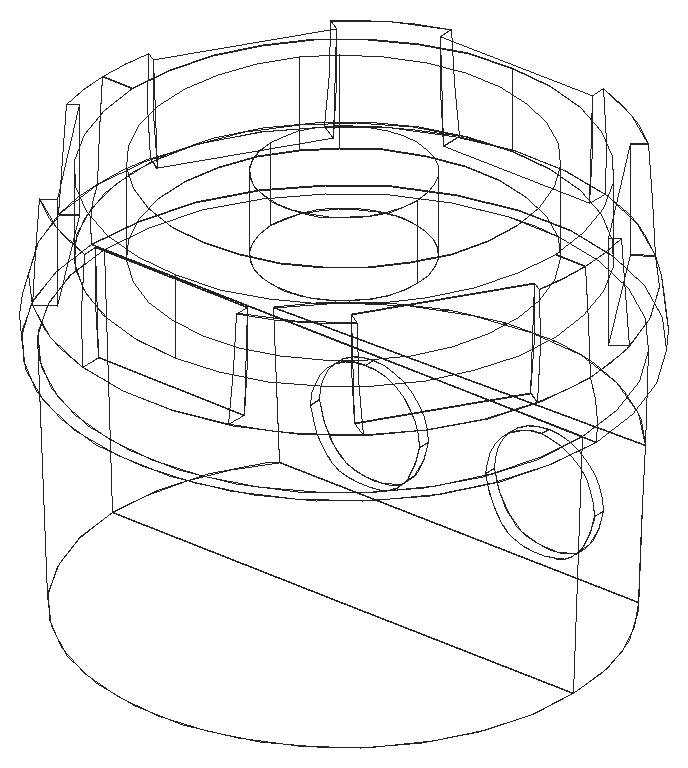
Revit family "Maxlogic Sounder, Beacon, Sounder Beacon (Ceiling type)", category Fire Alarm Devices, host Face, Revit 2022
Family settings
  Host = Face
  Round Connector Dimension = Use Diameter
  Part Type = Normal
  OmniClass Number = 23.85.30.21
  OmniClass Title = Environmental Detection/Registration
  Cut with Voids When Loaded = No
  Maintain Annotation Orientation = Yes
  Shared = No
  Room Calculation Point = No
Parameters (values of type "Maxlogic Conventional Ceiling Type (Class C, IP65) Beacon")
  Weight = "153 gr"
  Weatherproof surface mounting back box = ""
  Warranty Duration Unit = "Year"
  Warranty Duration Parts = "2"
  Warranty Duration Labor = "2"
  Version = ""
  URL = "https://www.mavili.com.tr/en"
  Siren Tavan = no
  Recessed mounting base = ""
  Public Works Pose Number = ""
  Protection Sign = "IP 65"
  Product Code = "ML-2422"
  Phone Number = "(+)90 216 466 45 05"
  Operatonal Voltage (default) = "24 V/DC"
  Operating voltage range = "21-28V/DC"
  Operating temperature = "(-25°C) - (+70°C)"
  Nominal Depth = "82 mm"
  Nominal Width = "99 mm"
  Nominal Height = "99 mm"
  Mounting surface = "Ceiling Mount"
  Mounting height = "3 Meters"
  Model = "Maxlogic"
  Manufacturer = "Mavili Elektronik Ticaret A.Ş."
  Installation Manual = "https://mavilielektronik.com/Revit/ML2422_kk.pdf"
  Indicator output = ""
  IP 65 Taban = yes
  IP 33 Taban = no
  Flaşör,flaşörlü siren Tavan = yes
  Flaşör = yes
  Fax Number = "(+)90 216 466 45 10"
  External supply = ""
  Email = "mavili@mavili.com.tr"
  Disclaimer = ""
  Device Adress Setup = ""
  Description = "Conventional Ceiling Type (Class C, IP65) Beacon"
  Default Elevation = 0 mm
  Current consumption = ""
  Cost unıt = ""
  Cost = 0
  Compatible sockets = ""
  Color = "Red"
  Code Performance = "EN 54-23"
  Main Material = "Red Plastic PC/ABS"
  Secondary Material = "Plastic"
  Address line 1 = "Şerifali Mahallesi Kutup Sokak No:27/1-2-4 Ümraniye TR-34775 İSTANBUL"
Types (7, lengths in mm): name | Weight | Protection Sign | Product Code | Operatonal Voltage (default) | Operating voltage range | Nominal Width | Nominal Height | Mounting height | Installation Manual | IP 65 Taban | IP 33 Taban | Device Adress Setup | Description
  (no name) | "153 gr" | "IP 65" | "ML-2422" | "24 V/DC" | "21-28V/DC" | "99 mm" | "99 mm" | "3 Meters" | "https://mavilielektronik.com/Revit/ML2422_kk.pdf" | yes | no | "" | "Conventional Ceiling Type (Class C, IP65) Beacon"
  Maxlogic Conventional Ceiling Type (Class C, IP33C) Beacon | "149 gr" | "IP 33C" | "ML-2421" | "24 V/DC" | "21-28V/DC" | "95 mm" | "95 mm" | "3 Meters" | "https://mavilielektronik.com/Revit/ML2421_kk.pdf" | no | yes | "" | "Conventional Ceiling Type (Class C, IP33C) Beacon"
  Maxlogic Conventional Ceiling Type (Class C, IP65) Beacon | "153 gr" | "IP 65" | "ML-2422" | "24 V/DC" | "21-28V/DC" | "99 mm" | "99 mm" | "3 Meters" | "https://mavilielektronik.com/Revit/ML2422_kk.pdf" | yes | no | "" | "Conventional Ceiling Type (Class C, IP65) Beacon"
  Maxlogic Addressable Ceiling Type (Class C, IP33C) Beacon | "153 gr" | "IP 33C" | "ML-1421" | "26 V/DC" | "18-33V/DC" | "95 mm" | "95 mm" | "3 Meters" | "https://mavilielektronik.com/Revit/ML1421_kk.pdf" | no | yes | "The address is given to devices by addressable programmer" | "Addressable Ceiling Type (Class C, IP33C) Beacon"
  Maxlogic Addressable Ceiling Type (Class C, IP65) Beacon | "153 gr" | "IP 65" | "ML-1422" | "24 V/DC" | "18-33V/DC" | "99 mm" | "99 mm" | "3 meters" | "https://mavilielektronik.com/Revit/ML1422_kk.pdf" | yes | no | "The address is given to devices by addressable programmer" | "Addressable Ceiling Type (Class C, IP65) Beacon"
  Maxlogic Addressable Ceiling Type (Class C, IP33C) Beacon With Short Circuit Isolator | "153 gr" | "IP 33C" | "ML-1421.SCI" | "26 V/DC" | "18-33V/DC" | "95 mm" | "95 mm" | "3 Meters" | "https://mavilielektronik.com/Revit/ML1421_kk.pdf" | no | yes | "The address is given to devices by addressable programmer" | "Addressable Ceiling Type (Class C, IP33C) Beacon With Short Circuit Isolator"
  Maxlogic Addressable Ceiling Type (Class C, IP65) Beacon With Short Circuit Isolator | "153 gr" | "IP 65" | "ML-1422.SCI" | "24 V/DC" | "18-33V/DC" | "99 mm" | "99 mm" | "3 meters" | "https://mavilielektronik.com/Revit/ML1422_kk.pdf" | yes | no | "The address is given to devices by addressable programmer" | "Addressable Ceiling Type (Class C, IP65) Beacon With Short Circuit Isolator"
Reference planes
  plane 1 "Center (Front/Back)": y = 0
  plane 2: z = 0
  plane 3 "Center (Left/Right)": x = 0
Forms (mm)
  Revolve 1, solid, material "wp siren"
    sketch origin (-0.45, 0, 26.347) x (1, 0, 0) y (0, 0, 1)
      loop
        line (0.156, 46.5) -> (0.156, 17.5) -> (47.651, 17.5)
        arc (47.651, 17.5) -> (47.762, 22.852) -> (46.558, 28.068) r 21.685
        arc (46.558, 28.068) -> (46.279, 37.292) -> (45.677, 46.5) r 264.184
        line (45.677, 46.5) -> (0.156, 46.5)
      axis (0.156, 17.5) -> (0.156, 46.5)
    angle from 0 to 360
  Extrusion 2, void
    sketch origin (-0.45, 42.508, 26.347) x (1, 0, 0) y (0, 0, 1)
      loop
        line (14.473, 46.5) -> (-14.15, 46.5)
        spline (-14.15, 46.5) -> (-14.177, 44.964) -> (-14.19, 43.428) -> (-14.189, 41.892) -> (-14.175, 40.355) -> (-14.148, 38.818) -> (-14.107, 37.281) -> (-14.052, 35.745) -> (-13.985, 34.208) -> (-13.903, 32.672) -> (-13.809, 31.137) -> (-13.701, 29.602) -> (-13.579, 28.068)
        line (-13.579, 28.068) -> (13.902, 28.068)
        spline (13.902, 28.068) -> (14.023, 29.602) -> (14.131, 31.137) -> (14.226, 32.672) -> (14.307, 34.208) -> (14.375, 35.745) -> (14.429, 37.281) -> (14.47, 38.818) -> (14.498, 40.355) -> (14.512, 41.892) -> (14.512, 43.428) -> (14.499, 44.964) -> (14.473, 46.5)
    from -4.833 to 1.867
  Extrusion 3, void
    sketch origin (-0.45, -42.508, 26.347) x (1, 0, 0) y (0, 0, -1)
      loop
        spline (14.473, -46.5) -> (14.499, -44.964) -> (14.512, -43.428) -> (14.512, -41.892) -> (14.498, -40.355) -> (14.47, -38.818) -> (14.429, -37.281) -> (14.375, -35.745) -> (14.307, -34.208) -> (14.226, -32.672) -> (14.131, -31.137) -> (14.023, -29.602) -> (13.902, -28.068)
        line (13.902, -28.068) -> (-13.579, -28.068)
        spline (-13.579, -28.068) -> (-13.701, -29.602) -> (-13.809, -31.137) -> (-13.903, -32.672) -> (-13.985, -34.208) -> (-14.052, -35.745) -> (-14.107, -37.281) -> (-14.148, -38.818) -> (-14.175, -40.355) -> (-14.189, -41.892) -> (-14.19, -43.428) -> (-14.177, -44.964) -> (-14.15, -46.5)
        line (-14.15, -46.5) -> (14.473, -46.5)
    from -4.833 to 1.867
  Extrusion 4, void
    sketch origin (-37.2, 21.627, 26.347) x (0.529919, 0.848048, 0) y (0, 0, 1)
      loop
        line (14.473, 46.5) -> (-14.15, 46.5)
        spline (-14.15, 46.5) -> (-14.177, 44.964) -> (-14.19, 43.428) -> (-14.189, 41.892) -> (-14.175, 40.355) -> (-14.148, 38.818) -> (-14.107, 37.281) -> (-14.052, 35.745) -> (-13.985, 34.208) -> (-13.903, 32.672) -> (-13.809, 31.137) -> (-13.701, 29.602) -> (-13.579, 28.068)
        line (-13.579, 28.068) -> (13.902, 28.068)
        spline (13.902, 28.068) -> (14.023, 29.602) -> (14.131, 31.137) -> (14.226, 32.672) -> (14.307, 34.208) -> (14.375, 35.745) -> (14.429, 37.281) -> (14.47, 38.818) -> (14.498, 40.355) -> (14.512, 41.892) -> (14.512, 43.428) -> (14.499, 44.964) -> (14.473, 46.5)
    from -4.833 to 1.867
  Extrusion 5, void
    sketch origin (-37.2, -21.627, 26.347) x (0.529919, -0.848048, 0) y (0, 0, -1)
      loop
        spline (14.473, -46.5) -> (14.499, -44.964) -> (14.512, -43.428) -> (14.512, -41.892) -> (14.498, -40.355) -> (14.47, -38.818) -> (14.429, -37.281) -> (14.375, -35.745) -> (14.307, -34.208) -> (14.226, -32.672) -> (14.131, -31.137) -> (14.023, -29.602) -> (13.902, -28.068)
        line (13.902, -28.068) -> (-13.579, -28.068)
        spline (-13.579, -28.068) -> (-13.701, -29.602) -> (-13.809, -31.137) -> (-13.903, -32.672) -> (-13.985, -34.208) -> (-14.052, -35.745) -> (-14.107, -37.281) -> (-14.148, -38.818) -> (-14.175, -40.355) -> (-14.189, -41.892) -> (-14.19, -43.428) -> (-14.177, -44.964) -> (-14.15, -46.5)
        line (-14.15, -46.5) -> (14.473, -46.5)
    from -4.833 to 1.867
  Extrusion 6, void
    sketch origin (36.613, 21.627, 26.347) x (-0.529919, 0.848048, 0) y (0, 0, -1)
      loop
        spline (14.473, -46.5) -> (14.499, -44.964) -> (14.512, -43.428) -> (14.512, -41.892) -> (14.498, -40.355) -> (14.47, -38.818) -> (14.429, -37.281) -> (14.375, -35.745) -> (14.307, -34.208) -> (14.226, -32.672) -> (14.131, -31.137) -> (14.023, -29.602) -> (13.902, -28.068)
        line (13.902, -28.068) -> (-13.579, -28.068)
        spline (-13.579, -28.068) -> (-13.701, -29.602) -> (-13.809, -31.137) -> (-13.903, -32.672) -> (-13.985, -34.208) -> (-14.052, -35.745) -> (-14.107, -37.281) -> (-14.148, -38.818) -> (-14.175, -40.355) -> (-14.189, -41.892) -> (-14.19, -43.428) -> (-14.177, -44.964) -> (-14.15, -46.5)
        line (-14.15, -46.5) -> (14.473, -46.5)
    from -4.833 to 1.867
  Extrusion 7, void
    sketch origin (36.613, -21.627, 26.347) x (-0.529919, -0.848048, 0) y (0, 0, 1)
      loop
        line (14.473, 46.5) -> (-14.15, 46.5)
        spline (-14.15, 46.5) -> (-14.177, 44.964) -> (-14.19, 43.428) -> (-14.189, 41.892) -> (-14.175, 40.355) -> (-14.148, 38.818) -> (-14.107, 37.281) -> (-14.052, 35.745) -> (-13.985, 34.208) -> (-13.903, 32.672) -> (-13.809, 31.137) -> (-13.701, 29.602) -> (-13.579, 28.068)
        line (-13.579, 28.068) -> (13.902, 28.068)
        spline (13.902, 28.068) -> (14.023, 29.602) -> (14.131, 31.137) -> (14.226, 32.672) -> (14.307, 34.208) -> (14.375, 35.745) -> (14.429, 37.281) -> (14.47, 38.818) -> (14.498, 40.355) -> (14.512, 41.892) -> (14.512, 43.428) -> (14.499, 44.964) -> (14.473, 46.5)
    from -4.833 to 1.867
  Extrusion 8, void
    sketch origin (-0.294, 0, 72.847) x (0, 1, 0) y (1, 0, 0)
      loop
        circle (0.005, 0) r 39.753
    from 0 to 14.064
  Extrusion 9, solid, material "wp siren"
    sketch origin (-0.294, 0, 72.847) x (1, 0, 0) y (0, 1, 0)
      loop
        circle (0, 0.005) r 13.908
    from 0 to -14.064
  Revolve 10, solid, material "wp siren", visible <- "IP 33 Taban"
    sketch origin (-0.45, 0, 26.347) x (1, 0, 0) y (0, 0, 1)
      loop
        line (0, 17.5) -> (0, 0) -> (44.389, 0) -> (45, 17.5) -> (0, 17.5)
      axis (0, 0) -> (0, 17.5)
    angle from 0 to 360
  Revolve 11, solid, material "wp siren", visible <- "IP 65 Taban"
    sketch origin (-0.45, 0, 26.347) x (1, 0, 0) y (0, 0, 1)
      loop
        line (0, 17.5) -> (0, -26.43) -> (43.466, -26.43) -> (45, 17.5) -> (0, 17.5)
      axis (0, -26.43) -> (0, 17.5)
    angle from 0 to 360
  Extrusion 12, void
    sketch origin (28.592, -47.366, 17.5) x (0.017452, 0, -0.999848) y (0, -1, 0)
      loop
        line (-9.232, -74.653) -> (-9.232, -93.858) -> (18.041, -93.858) -> (18.041, -74.653) -> (-9.232, -74.653)
    from -15.708 to 84.607
  Extrusion 13, void
    sketch origin (-60, 30, 30) x (0, -0.017452, -0.999848) y (1, 0, 0)
      loop
        arc (17.003, 86.75) -> (9.754, 83.748) -> (6.751, 76.5) r 10.251
        arc (6.751, 76.5) -> (9.754, 69.252) -> (17.003, 66.25) r 10.251
        spline (17.003, 66.25) -> (20.054, 67.051) -> (22.551, 68.172) -> (24.493, 69.613) -> (25.881, 71.375) -> (26.713, 73.697) -> (26.99, 76.5) -> (26.713, 79.303) -> (25.881, 81.625) -> (24.493, 83.387) -> (22.551, 84.828) -> (20.054, 85.949) -> (17.003, 86.75)
      loop
        arc (17.003, 53.75) -> (9.754, 50.748) -> (6.751, 43.5) r 10.251
        arc (6.751, 43.5) -> (9.754, 36.252) -> (17.003, 33.25) r 10.251
        spline (17.003, 33.25) -> (20.054, 34.051) -> (22.551, 35.172) -> (24.493, 36.613) -> (25.881, 38.375) -> (26.713, 40.697) -> (26.99, 43.5) -> (26.713, 46.303) -> (25.881, 48.625) -> (24.493, 50.387) -> (22.551, 51.828) -> (20.054, 52.949) -> (17.003, 53.75)
    from 2.099 to 4.467
  Extrusion 14, solid, material "wp siren", visible <- "Flaşör,flaşörlü siren Tavan"
    sketch origin (-29.338, -0.194, 81.347) x (0, -1, 0) y (1, 0, 0)
      loop
        arc (-20.606, 4.307) -> (22.428, 51.584) -> (-24.848, 8.55) r 32
        arc (-24.848, 8.55) -> (-22.827, 6.329) -> (-20.606, 4.307) r 32
    from -22.564 to -6.818
  Extrusion 15, solid, material "wp siren", visible <- "Siren Tavan"
    sketch origin (-29.338, -0.194, 58.783) x (0, -1, 0) y (1, 0, 0)
      loop
        arc (-20.606, 4.307) -> (22.428, 51.584) -> (-24.848, 8.55) r 32
        arc (-24.848, 8.55) -> (-22.827, 6.329) -> (-20.606, 4.307) r 32
    from 0 to 15
  Extrusion 16, solid, material "wp siren", not visible
    sketch origin (-29.25, -0.194, 59.53) x (0, -1, 0) y (1, 0, 0)
      loop
        arc (-20.606, 4.307) -> (22.428, 51.584) -> (-24.848, 8.55) r 32
        arc (-24.848, 8.55) -> (-22.827, 6.329) -> (-20.606, 4.307) r 32
    from 0 to 15
  Blend 17, solid, visible <- "Siren Tavan"
    base sketch origin (-0.793, -17.677, 65.624) x (1, 0, 0) y (0, 1, 0)
      loop
        circle (0.5, 17.677) r 13.908
    top sketch origin (-0.793, -17.677, 65.624) x (1, 0, 0) y (0, 1, 0)
      loop
        circle (0.5, 17.677) r 4.052
    from 8.906 to 15.937
Cuts and joins
  Extrusion 2, Extrusion 3, Extrusion 4, Extrusion 5, Extrusion 6, Extrusion 7, Extrusion 8 cuts Revolve 1
  Extrusion 12, Extrusion 13 cuts Revolve 10
  Extrusion 12, Extrusion 13 cuts Revolve 11
Dimensions and locks
  aligned and locked: plane 2 to host face
  aligned and locked: level to host face
  aligned and locked: cut or joined group of Revolve 1, Extrusion 2, Extrusion 3, Extrusion 4, Extrusion 5, Extrusion 6, Extrusion 7, Extrusion 8 to Extrusion 9
  aligned and locked: cut or joined group of Revolve 1, Extrusion 2, Extrusion 3, Extrusion 4, Extrusion 5, Extrusion 6, Extrusion 7, Extrusion 8 to Revolve 10
